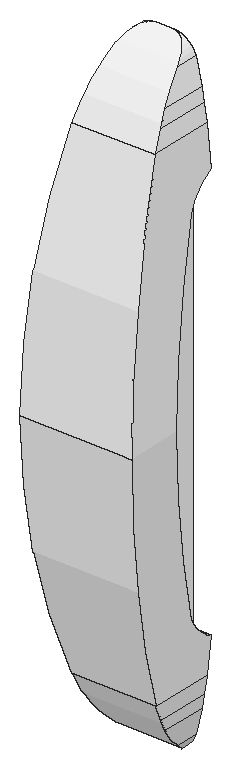
Revit family "KingswayGroup_PllHndls_ErgoGripAnti-LigatureHandleBoltFixed", category Specialty Equipment, Revit 2020
Family settings
  Round Connector Dimension = Use Diameter
  Part Type = Normal
  Work Plane-Based = No
  Always vertical = Yes
  Cut with Voids When Loaded = No
  Shared = No
  Room Calculation Point = No
Parameters
  WarrantyStartDate [instance] = "1900-12-31T23:59:59"
  WarrantyGuarantorParts = "sales@kingswaygroup.co.uk"
  WarrantyGuarantorLabor = "n/a"
  WarrantyDurationUnit = "year"  # constant formula
  WarrantyDurationParts = "5"  # constant formula
  WarrantyDurationLabor = "n/a"
  WarrantyDescription = "5-Year Guarantee *For faulty manufacture and not for damage"  # constant formula
  Version = "1"
  Uniclass2015Version = "Products v1.36"
  Uniclass2015Title = "Pull handles"
  Uniclass2015Code = "Pr_30_36_59_64"
  URL = "https://kingswaygroupglobal.com/"
  TagNumber [instance] = "n/a"
  SustainabilityPerformance = "n/a"
  Size = "40 x 230 x 40 mm"
  Shape = "n/a"
  SerialNumber [instance] = "n/a"
  Revision = "n/a"
  ReplacementCost = "n/a"
  ProductInformation = "https://kingswaygroupglobal.com/product/anti-ligature-ergo-grip-handle-bolt-fixed?noredirect=true"
  NominalWidth = 40.00 mm  # constant formula
  NominalLength = 40.00 mm  # constant formula
  NominalHeight = 230.00 mm  # constant formula
  Name = "PullHandles_ErgoGripAnti-LigatureHandleBoltFixed_KG41_KingswayGroup"
  ModelReference = "Ergo Grip Anti-Ligature Handle (Bolt Fixed)"
  ModelNumber = "KG41"
  Model = ModelNumber  # "KG41"
  Material = "For full range of available material, contact Kingsway Group"
  ManufacturerURL = "https://kingswaygroupglobal.com/"
  ManufacturerName = "Kingsway Group"  # constant formula
  Manufacturer = ManufacturerName  # "Kingsway Group"
  InstallationDate [instance] = "1900-12-31T23:59:59"
  IfcExportType = "USERDEFINED"  # constant formula
  IfcExportAs = "IfcDiscreteAccessoryType"  # constant formula
  Grade = "n/a"
  Finish = "For full range of available finishes and colours, contact Kingsway Group"
  Features = "A stylish and modern anti-ligature pull handle that offers excellent grip. It is supplied as a bolt fixed handle to be fitted with a KG40 on the other side of the door, or to be used on its own on cupboard or riser doors."
  ExpectedLife = "n/a"
  DurationUnit = "year"
  HandleMaterial [instance] = NBS_Concept
  Description = "Ergo Grip Pull Handle Bolt Fixed"
  Default Elevation = 0.00 mm
  Constituents = "n/a"
  Color = "For full range of available finishes and colours, contact Kingsway Group"
  CodePerformance = "n/a"
  Category = "Pr_30_36_59_64:Pull handles"
  BarCode [instance] = "n/a"
  BIMObjectName = "KingswayGroup_PullHandles_ErgoGripAnti-LigatureHandleBoltFixed"
  Author = "Kingsway Group"  # constant formula
  AssetType = "Fixed"
  AssetIdentifier [instance] = "n/a"
  AccessibilityPerformance = "n/a"
Reference planes
  plane 1 "Center (Front/Back)": y = 0
  plane 2: z = 0
  plane 3 "Center (Left/Right)": x = 0
Forms (mm)
  Extrusion 1, solid, material "NBS_Concept" <- "HandleMaterial"
    sketch origin (0, 3, 0) x (1, 0, 0) y (0, 0, 1)
      loop
        line (-3.361, -115) -> (3.361, -115)
        arc (3.361, -115) -> (8.168, -113.395) -> (11.046, -109.223) r 8
        line (11.046, -109.223) -> (13.265, -99.94) -> (14.065, -95.164) -> (14.97, -88.911)
        arc (14.97, -88.911) -> (20.001, 0) -> (14.97, 88.911) r 788.232
        line (14.97, 88.911) -> (14.065, 95.164) -> (13.265, 99.94) -> (11.046, 109.223)
        arc (11.046, 109.223) -> (8.168, 113.395) -> (3.361, 115) r 8
        line (3.361, 115) -> (-3.361, 115)
        arc (-3.361, 115) -> (-8.168, 113.395) -> (-11.046, 109.223) r 8
        line (-11.046, 109.223) -> (-13.265, 99.94) -> (-14.065, 95.164) -> (-14.97, 88.911)
        arc (-14.97, 88.911) -> (-20.001, 0) -> (-14.97, -88.911) r 788.232
        line (-14.97, -88.911) -> (-14.065, -95.164) -> (-13.265, -99.94) -> (-11.046, -109.223)
        arc (-11.046, -109.223) -> (-8.168, -113.395) -> (-3.361, -115) r 8
    from 3 to 43
  Extrusion 2, void
    sketch origin (0, 3, 0) x (0, 1, 0) y (0, 0, 1)
      loop
        arc (-25.757, 88.527) -> (-16.556, 103.636) -> (-3, 115) r 54.483
        line (-3, 115) -> (-3, 120.777) -> (-48, 120.777) -> (-48, 0) -> (-43, 0)
        arc (-43, 0) -> (-38.631, 45.092) -> (-25.757, 88.527) r 236.855
    from -33.866 to 33.508
  Extrusion 3, void
    sketch origin (0, 3, 0) x (0, 1, 0) y (0, 0, 1)
      loop
        arc (-25.757, -88.527) -> (-38.631, -45.092) -> (-43, 0) r 236.855
        line (-43, 0) -> (-48, 0) -> (-48, -120.777) -> (-3, -120.777) -> (-3, -115)
        arc (-3, -115) -> (-16.556, -103.636) -> (-25.757, -88.527) r 54.483
    from -33.866 to 33.508
  Extrusion 4, void
    sketch origin (0, 3, 0) x (0, 1, 0) y (0, 0, 1)
      loop
        arc (-13.07, 64.678) -> (-20.489, 32.716) -> (-23, 0) r 216.855
        arc (-23, 0) -> (-20.406, -33.249) -> (-12.745, -65.707) r 216.855
        line (-12.745, -65.707) -> (-10.179, -69.68) -> (-7.775, -72.131) -> (-4.994, -74.143) -> (-3, -75.193) -> (-3, 74.81) -> (-6.461, 72.79) -> (-9.025, 70.577) -> (-11.185, 67.969) -> (-13.07, 64.678)
    from 10 to 25
  Extrusion 5, void
    sketch origin (0, 3, 0) x (0, 1, 0) y (0, 0, -1)
      loop
        line (-13.07, -64.678) -> (-11.185, -67.969) -> (-9.025, -70.577) -> (-6.461, -72.79) -> (-3, -74.81) -> (-3, 75.193) -> (-4.994, 74.143) -> (-7.775, 72.131) -> (-10.179, 69.68) -> (-12.745, 65.707)
        arc (-12.745, 65.707) -> (-20.406, 33.249) -> (-23, 0) r 216.855
        arc (-23, 0) -> (-20.489, -32.716) -> (-13.07, -64.678) r 216.855
    from 10 to 25
Cuts and joins
  Extrusion 2, Extrusion 3, Extrusion 4, Extrusion 5 cuts Extrusion 1
Lines and regions (mm)
  symbolic lines
    curve 1: line (-20.001, -40.003, 0) -> (20.001, -40.003, 0)
    curve 2: line (-20.001, -40.003, 0) -> (-20.001, -20, 0)
    curve 3: line (20.001, -20.001, 0) -> (20.001, -40.003, 0)
Dimensions and locks
  cut or joined group of Extrusion 1, Extrusion 2, Extrusion 3, Extrusion 4, Extrusion 5 to cut or joined group of Extrusion 1, Extrusion 2, Extrusion 3, Extrusion 4, Extrusion 5 = 230.00 mm
  cut or joined group of Extrusion 1, Extrusion 2, Extrusion 3, Extrusion 4, Extrusion 5 to cut or joined group of Extrusion 1, Extrusion 2, Extrusion 3, Extrusion 4, Extrusion 5 = 40.00 mm
  curve 2 to curve 3 = 40.002 mm
  aligned and locked: level to plane 2
